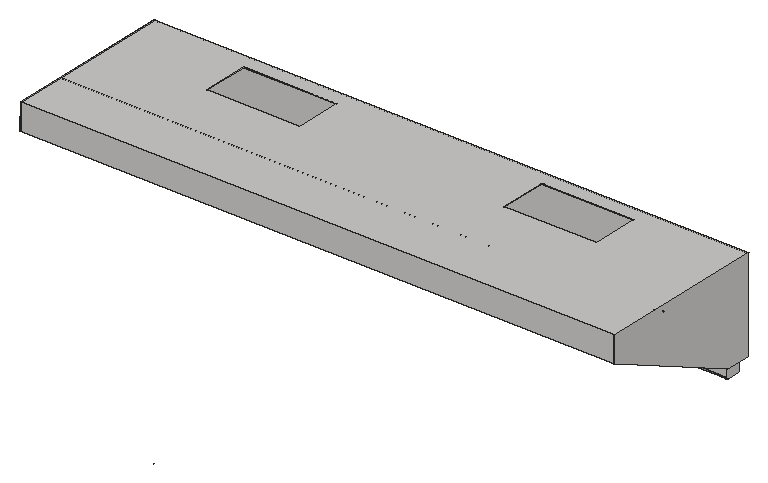
Revit family "QF_ELECTROLUXPROFESSIONAL_642290_MP932BT", category Specialty Equipment, Revit 2014
Reference planes
  plane 1: z = 0
  plane 2 "Center (Left/Right)": x = 150
  plane 3 "LEFT": x = -1450
  plane 4 "RIGHT": x = 1750
  plane 5 "BACK": y = 550
  plane 6 "Plane": z = 2000
  plane 7 "TOP": z = 2140
  plane 8 "Base": z = 1640
  plane 9: z = 1566
  plane 10 "DrainY": y = 485
  plane 11: x = -1447
  plane 12: through (0, 414.509, 1640.8) normal (0, 0.7314, 0.682)
  plane 13: y = 470
  plane 14: y = 220
  plane 15 "DrainX": x = 1630
  plane 16: x = -400
  plane 17: x = 700
  plane 18: x = -900
  plane 19: x = 1200
  plane 20: x = 1747
  plane 21: x = 1540
  plane 22: x = 1720
  plane 23: x = -1410
  plane 24: x = -1045
  plane 25: x = -650
  plane 26: x = 1710
  plane 27: x = 1345
  plane 28: x = 950
  plane 29: y = -350
  plane 30 "Center (Front/Back)": y = 100
Forms (mm)
  Extrusion 1, solid, material "QF_Finishes_Stainless Steel"
    sketch origin (-1450, 0, 0) x (0, 1, 0) y (0, 0, 1)
      loop
        line (550, 1640) -> (550, 2140) -> (-350, 2140) -> (-350, 2000) -> (415.255, 1640) -> (550, 1640)
    from 0 to 3
  Extrusion 2, solid, material "QF_Finishes_Stainless Steel"
    sketch origin (150, 0, 0) x (0, 1, 0) y (0, 0, 1)
      loop
        line (415.255, 1640) -> (550, 1640) -> (550, 2139.19) -> (549.2, 2139.19) -> (549.2, 1640.8) -> (415.876, 1640.8) -> (339.347, 1722.867) -> (349.609, 1732.436) -> (348.927, 1733.167) -> (337.934, 1722.917) -> (415.255, 1640)
      loop
        line (-82.203, 2139.19) -> (-82.203, 2118.6) -> (-31.047, 2118.6) -> (34.354, 2048.466) -> (46.028, 2059.352) -> (45.346, 2060.083) -> (34.403, 2049.879) -> (-30.612, 2119.6) -> (-81.203, 2119.6) -> (-81.203, 2139.19) -> (-82.203, 2139.19)
    from -1597 to 1597
  Extrusion 3, solid, material "QF_Finishes_Stainless Steel"
    sketch origin (1750, 0, 0) x (0, 1, 0) y (0, 0, 1)
      loop
        line (550, 1640) -> (550, 2140) -> (-350, 2140) -> (-350, 2000) -> (415.255, 1640) -> (550, 1640)
    from 0 to -3
  Extrusion 4, solid, material "QF_Finishes_Stainless Steel"
    sketch origin (150, 0, 0) x (0, 1, 0) y (0, 0, 1)
      loop
        line (-350, 2140) -> (-350, 2000) -> (-349.2, 2000) -> (-349.2, 2139.19) -> (550, 2139.19) -> (550, 2140) -> (-350, 2140)
    from -1600 to 1600
  Extrusion 5, solid, material "QF_Finishes_Stainless Steel"
    sketch origin (150, 0, 0) x (0, 1, 0) y (0, 0, 1)
      loop
        line (534, 1640) -> (436, 1640) -> (436, 1627) -> (443.5, 1627) -> (443.5, 1576)
        arc (443.5, 1576) -> (446.429, 1568.929) -> (453.5, 1566) r 10
        line (453.5, 1566) -> (516.5, 1566)
        arc (516.5, 1566) -> (523.571, 1568.929) -> (526.5, 1576) r 10
        line (526.5, 1576) -> (526.5, 1627) -> (534, 1627) -> (534, 1640)
    from 1390 to 1570
  Extrusion 6, solid, material "QF_Finishes_Stainless Steel"
    sketch origin (0, 0, 1640) x (0, 1, 0) y (-1, 0, 0)
      loop
        circle (485, -1630) r 20
    from -76 to -74
  Extrusion 7, solid, material "QF_Finished_Chrome"
    sketch origin (150, 0, 0) x (0, 1, 0) y (0, 0, 1)
      loop
        line (337.934, 1722.917) -> (341.591, 1726.327) -> (38.011, 2051.876) -> (34.354, 2048.466) -> (337.934, 1722.917)
    from -1195 to -1560
  Extrusion 8, solid, material "QF_Finished_Chrome"
    sketch origin (150, 0, 0) x (0, 1, 0) y (0, 0, 1)
      loop
        line (337.934, 1722.917) -> (341.591, 1726.327) -> (38.011, 2051.876) -> (34.354, 2048.466) -> (337.934, 1722.917)
    from 800 to -800
  Extrusion 9, solid, material "QF_Finishes_Stainless Steel"
    sketch origin (150, 0, 0) x (0, 1, 0) y (0, 0, 1)
      loop
        line (337.934, 1722.917) -> (341.591, 1726.327) -> (38.011, 2051.876) -> (34.354, 2048.466) -> (337.934, 1722.917)
    from 1597 to 1560
  Extrusion 10, solid, material "QF_Finishes_Stainless Steel"
    sketch origin (150, 0, 0) x (0, 1, 0) y (0, 0, 1)
      loop
        line (341.588, 1726.324) -> (38.009, 2051.874) -> (34.354, 2048.466) -> (337.934, 1722.917) -> (341.588, 1726.324)
    from -1195 to -800
  Extrusion 11, solid, material "QF_Finished_Chrome"
    sketch origin (150, 0, 0) x (0, 1, 0) y (0, 0, 1)
      loop
        line (341.588, 1726.324) -> (38.009, 2051.874) -> (34.354, 2048.466) -> (337.934, 1722.917) -> (341.588, 1726.324)
    from 1195 to 1560
  Extrusion 12, void
    sketch origin (0, 0, 2140) x (0, 1, 0) y (-1, 0, 0)
      loop
        line (470, 900) -> (220, 900) -> (220, 400) -> (470, 400) -> (470, 900)
    from 0 to -10
  Extrusion 13, void
    sketch origin (940, 0, 2140) x (0, 1, 0) y (-1, 0, 0)
      loop
        line (470, 240) -> (220, 240) -> (220, -260) -> (470, -260) -> (470, 240)
    from 0 to -10
  Extrusion 14, solid, material "QF_Finishes_Stainless Steel"
    sketch origin (0, 0, 0) x (1, 0, 0) y (0, 1, 0)
      loop
        line (-1450, 550) -> (-1450, 549) -> (-1449, 549) -> (-1449, 550) -> (-1450, 550)
    from 0 to 1
  Extrusion 15, solid, material "QF_Finishes_Stainless Steel"
    sketch origin (150, 0, 0) x (0, 1, 0) y (0, 0, 1)
      loop
        line (337.934, 1722.917) -> (341.591, 1726.327) -> (38.011, 2051.876) -> (34.354, 2048.466) -> (337.934, 1722.917)
    from -1560 to -1597
  Extrusion 16, solid, material "QF_Finishes_Stainless Steel"
    sketch origin (150, 0, 0) x (0, 1, 0) y (0, 0, -1)
      loop
        line (341.588, -1726.324) -> (337.934, -1722.917) -> (34.354, -2048.466) -> (38.009, -2051.874) -> (341.588, -1726.324)
    from -1195 to -800
Cuts and joins
  Extrusion 12, Extrusion 13 cuts Extrusion 4
  joined: Extrusion 2, Extrusion 4
Lines and regions (mm)
  reference lines
    curve 1: line (150, 34.354, 2048.466) -> (150, 34.354, 1888.466)
  symbolic lines, style "SpecialityEquipment", detail levels coarse
    curve 2: line (1750, 550, 2140) -> (-1450, 550, 2140)
    curve 3: line (-1450, 550, 2140) -> (-1450, -350, 2140)
    curve 4: line (1750, -350, 2140) -> (1750, 550, 2140)
    curve 5: line (-1450, -350, 2140) -> (1750, -350, 2140)
    curve 6: line (-900, 220, 2140) -> (-400, 220, 2140)
    curve 7: line (-900, 470, 2140) -> (-900, 220, 2140)
    curve 8: line (-400, 470, 2140) -> (-900, 470, 2140)
    curve 9: line (-400, 220, 2140) -> (-400, 470, 2140)
    curve 10: line (700, 470, 2140) -> (700, 220, 2140)
    curve 11: line (700, 220, 2140) -> (1200, 220, 2140)
    curve 12: line (1200, 470, 2140) -> (700, 470, 2140)
    curve 13: line (1200, 220, 2140) -> (1200, 470, 2140)
  symbolic lines, detail levels coarse
    curve 14: line (-1450, -350, 0) -> (1750, 550, 0)
    curve 15: line (1750, -350, 0) -> (-1450, 550, 0)
Dimensions and locks
  plane 3 "LEFT" to plane 4 "RIGHT" = 3200 mm
  equal spacing: plane 3 "LEFT", plane 2 "Center (Left/Right)", plane 4 "RIGHT"
  locked: plane 6 "Plane" to level at 2000
  plane 7 "TOP" to plane 6 "Plane" = 140 mm
  locked: plane 7 "TOP" to plane 8 "Base" at 500
  plane 8 "Base" to plane 9 = 74 mm
  plane 5 "BACK" to plane 10 "DrainY" = 65 mm  (x2)
  plane 3 "LEFT" to plane 11 = 3 mm
  plane 5 "BACK" to plane 13 = 80 mm
  plane 13 to plane 14 = 250 mm  (x2)
  plane 15 "DrainX" to plane 4 "RIGHT" = 120 mm
  locked: plane 16 to plane 17 at 1100
  equal spacing: plane 16, plane 2 "Center (Left/Right)", plane 17
  plane 18 to plane 16 = 500 mm
  plane 17 to plane 19 = 500 mm
  plane 20 to plane 4 "RIGHT" = 3 mm
  locked: plane 21 to plane 15 "DrainX" at 90
  locked: plane 15 "DrainX" to plane 22 at 90
  plane 13 to plane 5 "BACK" = 80 mm
  locked: plane 3 "LEFT" to plane 23 at 40
  locked: plane 23 to plane 24 at 365
  locked: plane 24 to plane 25 at 395
  locked: plane 26 to plane 27 at 365
  locked: plane 27 to plane 28 at 395
  locked: plane 26 to plane 4 "RIGHT" at 40
  plane 25 to plane 28 = 1600 mm
  plane 5 "BACK" to plane 29 = 900 mm  (x2)
  equal spacing: plane 5 "BACK", plane 30 "Center (Front/Back)", plane 29
  plane 14 to plane 29 = 570 mm
  aligned and locked: level to plane 1
  aligned and locked: Extrusion 2 to Extrusion 1
  aligned and locked: Extrusion 2 to Extrusion 3
  aligned and locked: plane 4 "RIGHT" to Extrusion 4
  aligned and locked: Extrusion 4 to plane 3 "LEFT"
  aligned and locked: plane 20 to Extrusion 9
  aligned and locked: plane 18 to Extrusion 12
  aligned and locked: Extrusion 12 to plane 16
  aligned and locked: Extrusion 12 to plane 14
  aligned and locked: Extrusion 12 to plane 13
  aligned and locked: Extrusion 13 to plane 19
  aligned and locked: plane 17 to Extrusion 13
  aligned and locked: Extrusion 2 to Extrusion 4
  aligned and locked: plane 22 to Extrusion 5
  aligned and locked: Extrusion 5 to plane 21
  aligned and locked: Extrusion 9 to plane 26
  aligned and locked: Extrusion 11 to plane 26
  aligned and locked: Extrusion 11 to plane 27
  aligned and locked: Extrusion 8 to plane 28
  aligned and locked: Extrusion 8 to plane 25
  aligned and locked: plane 25 to Extrusion 10
  aligned and locked: Extrusion 10 to plane 24
  aligned and locked: plane 24 to Extrusion 7
  aligned and locked: Extrusion 7 to plane 23
  aligned and locked: Extrusion 15 to plane 11
  aligned and locked: plane 23 to Extrusion 15
  aligned and locked: Extrusion 16 to plane 28
  aligned and locked: Extrusion 16 to plane 27
  aligned and locked: Extrusion 3 to plane 20
Automatic sketch dimensions
  curve 5 to plane 3 "LEFT" = 0 mm
  curve 9 to plane 14 = 0 mm
  curve 10 to plane 14 = 0 mm
  plane 13 to curve 8 = 0 mm
  plane 13 to curve 12 = 0 mm
  curve 3 to plane 5 "BACK" = 0 mm
  curve 5 to plane 4 "RIGHT" = 0 mm
  curve 11 to plane 19 = 0 mm
  curve 10 to plane 17 = 0 mm
  curve 6 to plane 16 = 0 mm
  curve 6 to plane 18 = 0 mm
  Extrusion 2 sketch curve to plane 12 = 0 mm  (x3)
  Extrusion 2 sketch curve to plane 8 "Base" = 0 mm
  plane 12 to Extrusion 2 sketch curve = 0 mm
  Extrusion 2 sketch curve to plane 5 "BACK" = 0 mm
  Extrusion 2 sketch curve to Extrusion 2 sketch curve = 65.646 mm
  Extrusion 2 sketch curve to Extrusion 2 sketch curve = 0.682 mm  (x2)
  Extrusion 2 sketch curve to Extrusion 2 sketch curve = 10.261 mm
  plane 8 "Base" to Extrusion 2 sketch curve = 82.917 mm
  Extrusion 2 sketch curve to Extrusion 2 sketch curve = 10.942 mm
  Extrusion 2 sketch curve to Extrusion 2 sketch curve = 0.049 mm
  Extrusion 2 sketch curve to plane 7 "TOP" = 20.4 mm
  Extrusion 2 sketch curve to plane 7 "TOP" = 21.4 mm
  Extrusion 2 sketch curve to plane 7 "TOP" = 0.81 mm  (x2)
  Extrusion 2 sketch curve to Extrusion 2 sketch curve = 50.156 mm
  Extrusion 2 sketch curve to Extrusion 2 sketch curve = 1 mm
  plane 8 "Base" to Extrusion 2 sketch curve = 0.8 mm
  Extrusion 2 sketch curve to plane 5 "BACK" = 0.8 mm
  Extrusion 4 sketch curve to plane 6 "Plane" = 0 mm
  Extrusion 4 sketch curve to plane 5 "BACK" = 0 mm
  Extrusion 4 sketch curve to plane 7 "TOP" = 0 mm
  Extrusion 4 sketch curve to plane 7 "TOP" = 0.81 mm
  curve 1 to plane 12 = 0 mm
  curve 1 to plane 6 "Plane" = 111.534 mm
  Extrusion 5 sketch curve to plane 8 "Base" = 0 mm
  Extrusion 5 sketch curve to plane 9 = 0 mm
  Extrusion 5 sketch curve to plane 8 "Base" = 13 mm  (x2)
  plane 13 to Extrusion 5 sketch curve = 34 mm
  Extrusion 5 sketch curve to Extrusion 5 sketch curve = 7.5 mm  (x2)
  Extrusion 5 sketch curve to Extrusion 5 sketch curve = 10 mm
  plane 10 "DrainY" to Extrusion 5 sketch curve = 31.5 mm
  Extrusion 5 sketch curve to plane 5 "BACK" = 23.5 mm
  Extrusion 6 sketch curve to plane 10 "DrainY" = 0 mm
  Extrusion 6 sketch curve to plane 15 "DrainX" = 0 mm
  Extrusion 7 sketch curve to plane 12 = 0 mm  (x2)
  Extrusion 7 sketch curve to Extrusion 7 sketch curve = 3.657 mm
  plane 8 "Base" to Extrusion 7 sketch curve = 82.917 mm
  Extrusion 8 sketch curve to plane 12 = 0 mm  (x2)
  Extrusion 8 sketch curve to Extrusion 8 sketch curve = 3.657 mm
  plane 8 "Base" to Extrusion 8 sketch curve = 82.917 mm
  Extrusion 9 sketch curve to plane 12 = 0 mm  (x2)
  Extrusion 9 sketch curve to Extrusion 9 sketch curve = 3.657 mm
  plane 8 "Base" to Extrusion 9 sketch curve = 82.917 mm
  Extrusion 10 sketch curve to plane 12 = 0 mm  (x2)
  Extrusion 10 sketch curve to Extrusion 10 sketch curve = 3.655 mm
  plane 8 "Base" to Extrusion 10 sketch curve = 82.917 mm
  Extrusion 11 sketch curve to plane 12 = 0 mm  (x2)
  Extrusion 11 sketch curve to Extrusion 11 sketch curve = 3.655 mm
  plane 8 "Base" to Extrusion 11 sketch curve = 82.917 mm
  Extrusion 12 sketch curve to plane 14 = 0 mm
  plane 13 to Extrusion 12 sketch curve = 0 mm
  Extrusion 12 sketch curve to plane 16 = 0 mm
  Extrusion 12 sketch curve to plane 18 = 0 mm
  Extrusion 13 sketch curve to plane 14 = 0 mm
  plane 13 to Extrusion 13 sketch curve = 0 mm
  Extrusion 13 sketch curve to plane 19 = 0 mm
  Extrusion 13 sketch curve to plane 17 = 0 mm
  Extrusion 14 sketch curve to plane 3 "LEFT" = 0 mm
  Extrusion 14 sketch curve to plane 5 "BACK" = 0 mm
  plane 3 "LEFT" to Extrusion 14 sketch curve = 1 mm
  Extrusion 14 sketch curve to plane 5 "BACK" = 1 mm
  Extrusion 15 sketch curve to plane 12 = 0 mm  (x2)
  Extrusion 15 sketch curve to Extrusion 15 sketch curve = 3.657 mm
  plane 8 "Base" to Extrusion 15 sketch curve = 82.917 mm
  Extrusion 16 sketch curve to plane 12 = 0 mm  (x2)
  Extrusion 16 sketch curve to Extrusion 16 sketch curve = 3.655 mm
  plane 8 "Base" to Extrusion 16 sketch curve = 82.917 mm
  Extrusion 4 sketch curve to Extrusion 4 sketch curve = 0.8 mm
  curve 5 to plane 29 = 0 mm
  plane 6 "Plane" to Extrusion 2 sketch curve = 48.466 mm
  plane 29 to Extrusion 4 sketch curve = 0.8 mm
  curve 1 to plane 14 = 185.646 mm
  plane 6 "Plane" to Extrusion 7 sketch curve = 51.876 mm
  plane 6 "Plane" to Extrusion 8 sketch curve = 51.876 mm
  plane 6 "Plane" to Extrusion 9 sketch curve = 51.876 mm
  plane 6 "Plane" to Extrusion 10 sketch curve = 51.874 mm
  plane 6 "Plane" to Extrusion 11 sketch curve = 51.874 mm
  plane 6 "Plane" to Extrusion 15 sketch curve = 51.876 mm
  plane 6 "Plane" to Extrusion 16 sketch curve = 51.874 mm
  Extrusion 3 sketch curve to plane 5 "BACK" = 0 mm
  Extrusion 3 sketch curve to plane 7 "TOP" = 0 mm
  Extrusion 3 sketch curve to plane 6 "Plane" = 0 mm
  Extrusion 1 sketch curve to plane 8 "Base" = 0 mm
  plane 12 to Extrusion 1 sketch curve = 0 mm
  Extrusion 1 sketch curve to plane 5 "BACK" = 0 mm
  Extrusion 1 sketch curve to plane 7 "TOP" = 0 mm
  Extrusion 1 sketch curve to plane 29 = 0 mm
  Extrusion 1 sketch curve to plane 6 "Plane" = 0 mm
  Extrusion 3 sketch curve to plane 29 = 0 mm
  Extrusion 3 sketch curve to plane 8 "Base" = 0 mm
  plane 12 to Extrusion 3 sketch curve = 0 mm
  curve 15 to plane 3 "LEFT" = 0 mm
  curve 14 to plane 3 "LEFT" = 0 mm
  curve 15 to plane 4 "RIGHT" = 0 mm
  curve 14 to plane 4 "RIGHT" = 0 mm
  curve 15 to plane 29 = 0 mm
  curve 14 to plane 29 = 0 mm
  curve 15 to plane 5 "BACK" = 0 mm
  curve 14 to plane 5 "BACK" = 0 mm
  radius of Extrusion 6 sketch curve = 20 mm
Connectors
  piping at (1630, 485, 1564), diameter 20
    settings: on Extrusion 6, index 1, connector inside diameter 609.6 mm, connector length 0 mm, flow factor 0, pipe flow 0.0 L/s, pressure drop 0.0 Pa, fitting loss kfactor 0, connector angle 0.00°, fixture units 0, engagement length 0 mm, angle of deflection 0.00°, flow configuration 1, flow direction 2, fitting loss method 0, system type 16, joint type 0, gender type 0, connector reference index -1, connector utility 0, adjustable connector no, is connector primary yes, connector description "Drain"
  hvac at (-650, 345, 2140)
    settings: on Extrusion 12, index 2, duct flow 0.0 L/s, flow factor 0, pres drop 0.0 Pa, loss coef 0, conn angle 0.00°, conn width 250 mm, conn height 500 mm, conn diameter 609.6 mm, duct sys type 3, conn prof type 1, flow config 1, flow direction 0, loss method 0, conn ref index -1, conn util no, is conn primary yes, conn desc "EXHAUST OUTLET"
  hvac at (950, 345, 2140)
    settings: on Extrusion 13, index 3, duct flow 0.0 L/s, flow factor 0, pres drop 0.0 Pa, loss coef 0, conn angle 0.00°, conn width 250 mm, conn height 500 mm, conn diameter 609.6 mm, duct sys type 3, conn prof type 1, flow config 1, flow direction 0, loss method 0, conn ref index -1, conn util no, is conn primary no, conn desc "EXHAUST OUTLET"
